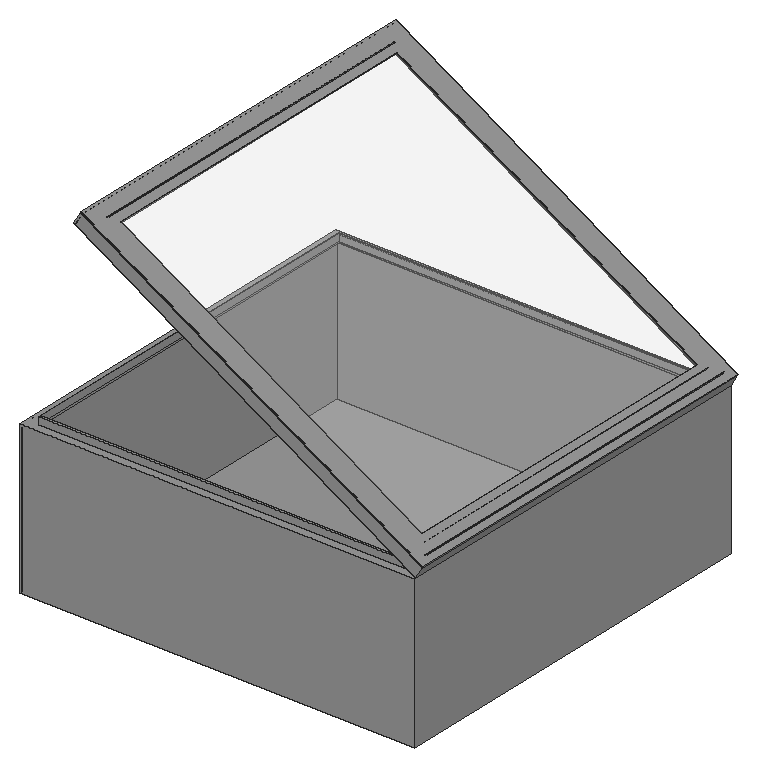
Revit family "Hager-Orion_Inox-IP66-D210-Cl.I-Inox_encl-630A-500mm-CH-de", category Electrical Equipment, host Face, Revit 2020
Family settings
  Host = Face
  Panel Configuration = Two Columns, Circuits Across
  Round Connector Dimension = Use Diameter
  Part Type = Panelboard
  Cut with Voids When Loaded = No
  Shared = No
  Room Calculation Point = No
Parameters (values of type "Aufputz IP66 B500 H500 T210  - FL023TWL")
  Width Control [instance] = if([EF000008 - Breite] > Min Width, [EF000008 - Breite], Min Width)  # 500 mm
  Type Comments = [HG000003 - Bereich]  # "Orion Inox"
  Thickness Door [instance] = if([EF009171 - Materialstärke Tür/Deckel] > 3 mm, 3 mm, [EF009171 - Materialstärke Tür/Deckel])  # 1.5 mm
  Seal Frame Offset [instance] = 17 mm  # constant formula
  Model = ""
  Min Width [instance] = 100 mm  # constant formula
  Min Height [instance] = 100 mm  # constant formula
  Min Depth [instance] = (2 * [EF009170 - Materialstärke Gehäuse]) + 1 mm  # 4 mm
  Internal Frame Depth [instance] = (Door System Depth * 0.5)  # 9 mm
  Height Control [instance] = if([EF000040 - Höhe] > Min Height, [EF000040 - Höhe], Min Height)  # 500 mm
  HG000027 - Sockelhöhe = 0 mm
  HG000026 - Stehend auf dem Boden = no
  HG000024 - Höhe des unteren Teils = 800 mm
  HG000023 - Gehäuse mit doppeltem Querschnitt = no
  HG000016 - 3D-Türsichtbarkeit [instance] = yes
  HG000015 - Sichtbarkeit der Türöffnung [instance] = no
  HG000014 - Tür rechts [instance] = yes
  HG000013 - Tür links [instance] = not([HG000014 - Tür rechts])  # no
  HG000012 - Türschwenkwinkel [instance] = 30.00°
  HG000010 - Asymmetrische Türen = no
  HG000009 - Doppelflügeligen Tür = no
  HG000006 - Unterputz = no
  HG000004 - Herstellerreferenz = "FL023TWL"
  HG000003 - Bereich = "Orion Inox"
  HG000002 - Mit tür = yes
  Frame Offset Bottom [instance] = 10 mm  # constant formula
  Frame Offset [instance] = 15 mm  # constant formula
  EF015940 - Deckel mit Überdruckentlastung = no
  EF011959 - Schutzart (NEMA) = ""
  EF009554 - Anzahl der Öffnungen für Flanschplatten = 0
  Manufacturer = "Hager"  # constant formula
  EF009212 - Ausführung Deckel = "EV000116 - geschlossen"
  EF009171 - Materialstärke Tür/Deckel = 1.5 mm
  EF009170 - Materialstärke Gehäuse = 1.5 mm
  EF008873 - Nennstrom (In) = 630 A
  EF007800 - Geeignet für Blitzschutz = no
  EF006306 - Mit Schloss = yes
  EF006244 - Transparenter Deckel/Tür = yes
  EF005474 - Schutzart (IP) = "EV006422 - IP66"
  EF004464 - Art der Tür = "EV002646 - Einzel"
  EF004427 - Anzahl der Module = 0
  EF004293 - Schlagfestigkeit = "EV006814 - IK08"
  EF003532 - Geeignet für Außengebrauch = yes
  EF002950 - Breite in Teilungseinheiten = 0
  EF001613 - Funktionserhalt = "EV000494 - ohne"
  EF001596 - Werkstoff des Gehäuses = "EV000166 - rostfreier Stahl"
  EF001131 - Innentiefe = 176 mm
  EF001088 - Anbaumöglichkeit = yes
  EF000437 - Anzahl der Leitungseinführungen = 0
  EF000339 - Art der Abdeckung = "EV004216 - Tür"
  EF000266 - Anzahl der Reihen = 0
  EF000218 - Einbautiefe = 0 mm
  EF000118 - Mit Montageplatte = no
  EF000116 - RAL-Nummer = ""
  EF000049 - Tiefe = 210 mm
  EF000040 - Höhe = 500 mm
  EF000008 - Breite = 500 mm
  EF000007 - Farbe = "EV000154 - sonstige"
  EF000003 - Montageart = "EV000384 - Aufputz"
  Door System Leaf Tolerance [instance] = 1.5 mm  # constant formula
  Door System Depth [instance] = 18 mm  # constant formula
  Depth Control [instance] = if([EF000049 - Tiefe] > Min Depth, [EF000049 - Tiefe], Min Depth)  # 210 mm
  Default Elevation = 0 mm
Types (8, lengths in mm): name | Width Control | HG000004 - Herstellerreferenz | EF009212 - Ausführung Deckel | EF006306 - Mit Schloss | EF006244 - Transparenter Deckel/Tür | EF004293 - Schlagfestigkeit | EF001613 - Funktionserhalt | EF000008 - Breite
  Aufputz IP66 B400 H500 T210  - FL021BW | 400 | "FL021BW" | "EV009916 - mit Ausschnitt" | no | no | "EV008784 - IK10" | "" | 400
  Aufputz IP66 B400 H500 T210  - FL021BWL | 400 | "FL021BWL" | "EV009916 - mit Ausschnitt" | no | no | "EV008784 - IK10" | "" | 400
  Aufputz IP66 B400 H500 T210  - FL021TW | 400 | "FL021TW" | "EV000116 - geschlossen" | yes | yes | "EV006814 - IK08" | "EV000494 - ohne" | 400
  Aufputz IP66 B400 H500 T210  - FL021TWL | 400 | "FL021TWL" | "EV000116 - geschlossen" | yes | yes | "EV006814 - IK08" | "EV000494 - ohne" | 400
  Aufputz IP66 B500 H500 T210  - FL023BW | 500 | "FL023BW" | "EV000116 - geschlossen" | yes | no | "EV008784 - IK10" | "EV000494 - ohne" | 500
  Aufputz IP66 B500 H500 T210  - FL023BWL | 500 | "FL023BWL" | "EV000116 - geschlossen" | yes | no | "EV008784 - IK10" | "EV000494 - ohne" | 500
  Aufputz IP66 B500 H500 T210  - FL023TW | 500 | "FL023TW" | "EV000116 - geschlossen" | yes | yes | "EV006814 - IK08" | "EV000494 - ohne" | 500
  Aufputz IP66 B500 H500 T210  - FL023TWL | 500 | "FL023TWL" | "EV000116 - geschlossen" | yes | yes | "EV006814 - IK08" | "EV000494 - ohne" | 500
Reference planes
  plane 1 "Center (Front/Back)": y = 0
  plane 2: z = 0
  plane 3 "Center (Left/Right)": x = 0
  plane 4: z = 210
  plane 5: y = 1.5
  plane 6: y = 250
  plane 7: y = 0
  plane 8: y = 500
  plane 9: z = 0
  plane 10: x = -235
  plane 11: x = 235
  plane 12: x = 233.5
  plane 13: x = -233.5
  plane 14: y = 498.5
  plane 15: x = -233
  plane 16: x = -250
  plane 17: x = 233
  plane 18: x = 250
  plane 19: x = 248.5
  plane 20: x = -248.5
  plane 21: y = 11.5
  plane 22: y = 500
  plane 23: y = 483.5
  plane 24: z = 192
  plane 25: z = 1.5
  plane 26: z = 190.5
  plane 27: z = 208.5
Forms (mm)
  Extrusion 1, solid, material "Hager_Stainless_Steel", detail levels medium+fine
    sketch origin (0, 0, 0) x (1, 0, 0) y (0, 1, 0)
      loop
        line (-250, 0) -> (250, 0) -> (250, 500) -> (-250, 500) -> (-250, 0)
    from 0 to 192
  Extrusion 2, solid, material "Hager_Steel_RAL 7035_Light_Grey", not visible, detail levels medium+fine
    sketch origin (0, 28.16, 50.802) x (0, 1, 0) y (0, 0, 1)
      loop
        line (273.34, -50.802) -> (273.34, 147.698)
        arc (273.34, 147.698) -> (270.411, 154.769) -> (263.34, 157.698) r 10
        line (263.34, 157.698) -> (233.34, 157.698) -> (233.34, -50.802) -> (273.34, -50.802)
    from -248.5 to 248.5
  Extrusion 3, void
    sketch origin (0, 0, 0) x (1, 0, 0) y (0, 1, 0)
      loop
        line (-248.5, 1.5) -> (248.5, 1.5) -> (248.5, 498.5) -> (-248.5, 498.5) -> (-248.5, 1.5)
    from 1.5 to 190.5
  Extrusion 4, void
    sketch origin (-381.607, -4572, 192) x (0, -1, 0) y (-1, 0, 0)
      loop
        line (-4583.5, -148.107) -> (-5055.5, -148.107) -> (-5055.5, -615.107) -> (-4583.5, -615.107) -> (-4583.5, -148.107)
    from 0 to 1.5 <- "EF009170 - Materialstärke Gehäuse"
  Extrusion 5, solid, material "Hager_Stainless_Steel", detail levels fine
    sketch origin (-381.607, -4572, 192) x (-1, 0, 0) y (0, -1, 0)
      loop
        line (-148.107, -4583.5) -> (-615.107, -4583.5) -> (-615.107, -5055.5) -> (-148.107, -5055.5) -> (-148.107, -4583.5)
      loop
        line (-147.107, -4582) -> (-616.107, -4582) -> (-616.107, -5057) -> (-147.107, -5057) -> (-147.107, -4582)
    from 0 to 9 <- "Internal Frame Depth"
  Extrusion 6, solid, material "Hager_Stainless_Steel", detail levels coarse
    sketch origin (0, 0, 0) x (1, 0, 0) y (0, 1, 0)
      loop
        line (-250, 0) -> (250, 0) -> (250, 500) -> (-250, 500) -> (-250, 0)
    from 0 to 210
Cuts and joins
  Extrusion 3, Extrusion 4 cuts Extrusion 1
Lines and regions (mm)
  Masking region 1
    outline origin (0, 0, 0) x (1, 0, 0) y (0, 0, 1)
      loop
        line (-250, 210) -> (-250, 0) -> (250, 0) -> (250, 210) -> (-250, 210)
  Masking region 2, detail levels medium+fine
    outline origin (0, 140, 0) x (0, 1, 0) y (0, 0, 1)
      loop
        line (-140, 0) -> (360, 0) -> (360, 192) -> (-140, 192) -> (-140, 0)
  Masking region 3, not visible, detail levels medium+fine
    outline origin (0, 297.922, 0) x (0, 1, 0) y (0, 0, 1)
      loop
        line (-36.422, 0) -> (3.578, 0) -> (3.578, 198.5)
        arc (3.578, 198.5) -> (0.649, 205.571) -> (-6.422, 208.5) r 10
        line (-6.422, 208.5) -> (-36.422, 208.5) -> (-36.422, 0)
  Masking region 4, detail levels coarse
    outline origin (0, 0, 180) x (0, 1, 0) y (0, 0, 1)
      loop
        line (0, -180) -> (500, -180) -> (500, 30) -> (0, 30) -> (0, -180)
  Masking region 5
    outline origin (-381.607, -4572, 192) x (-1, 0, 0) y (0, -1, 0)
      loop
        line (-131.607, -5072) -> (-131.607, -4572) -> (-631.607, -4572) -> (-631.607, -5072) -> (-131.607, -5072)
Dimensions and locks
  "Depth Control": plane 4 to host face
  "EF009170 - Materialstärke Gehäuse": plane 5 to plane 7
  locked: connector elem to plane 3 "Center (Left/Right)"
  equal spacing: plane 8, plane 6, plane 7
  locked: connector elem to plane 6
  "EF009170 - Materialstärke Gehäuse": plane 8 to plane 14
  "EF009170 - Materialstärke Gehäuse": plane 10 to plane 13
  "EF009170 - Materialstärke Gehäuse": plane 12 to plane 11
  "Frame Offset": plane 20 to plane 13
  "Frame Offset": plane 12 to plane 19
  "EF009170 - Materialstärke Gehäuse": plane 16 to plane 20
  "EF009170 - Materialstärke Gehäuse": plane 19 to plane 18
  "Seal Frame Offset": plane 16 to plane 15
  "Seal Frame Offset": plane 17 to plane 18
  "Frame Offset Bottom": plane 21 to plane 5
  "Frame Offset": plane 14 to plane 23
  equal spacing: plane 16, plane 3 "Center (Left/Right)", plane 18
  "Width Control": plane 16 to plane 18
  "EF009170 - Materialstärke Gehäuse": plane 4 to plane 27
  "EF009170 - Materialstärke Gehäuse": plane 24 to plane 26
  "EF009170 - Materialstärke Gehäuse": plane 25 to level
  "Door System Depth": plane 4 to plane 24
  "Height Control": plane 1 "Center (Front/Back)" to Extrusion 6 sketch curve
  "Height Control": Masking region 4 sketch curve to plane 1 "Center (Front/Back)"
  "Thickness Door": Extrusion 5 sketch curve to plane 15
  "Thickness Door": plane 21 to Extrusion 5 sketch curve
  "Thickness Door": plane 17 to Extrusion 5 sketch curve
  "Thickness Door": Extrusion 5 sketch curve to plane 23
  "Height Control": plane 1 "Center (Front/Back)" to plane 22
  radius of Masking region 3 sketch curve = 10 mm
  radius of Extrusion 2 sketch curve = 10 mm
  aligned and locked: plane 2 to host face
  aligned and locked: level to host face
  aligned and locked: level to Masking region 1 sketch curve
  aligned and locked: Masking region 1 sketch curve to plane 18
  aligned and locked: Masking region 1 sketch curve to plane 16
  aligned and locked: plane 7 to Masking region 2 sketch curve
  aligned and locked: level to Masking region 3 sketch curve
  aligned and locked: Masking region 3 sketch curve to plane 27
  aligned and locked: level to Masking region 2 sketch curve
  aligned and locked: Extrusion 1 sketch curve to plane 7
  aligned and locked: plane 16 to Extrusion 1 sketch curve
  aligned and locked: plane 18 to Extrusion 1 sketch curve
  aligned and locked: Extrusion 2 sketch curve to level
  aligned and locked: plane 27 to Extrusion 2 sketch curve
  aligned and locked: plane 20 to Extrusion 2
  aligned and locked: plane 19 to Extrusion 2
  aligned and locked: plane 20 to Extrusion 3 sketch curve
  aligned and locked: plane 19 to Extrusion 3 sketch curve
  aligned and locked: Extrusion 3 sketch curve to plane 5
  aligned and locked: Extrusion 3 to plane 25
  aligned and locked: plane 26 to Extrusion 3
  aligned and locked: plane 24 to Extrusion 1
  aligned and locked: Extrusion 4 sketch curve to plane 21
  aligned and locked: Extrusion 4 sketch curve to plane 13
  aligned and locked: Extrusion 4 sketch curve to plane 12
  aligned and locked: plane 18 to Extrusion 6 sketch curve
  aligned and locked: plane 1 "Center (Front/Back)" to Extrusion 6 sketch curve
  aligned and locked: plane 16 to Extrusion 6 sketch curve
  aligned and locked: plane 4 to Extrusion 6
  aligned and locked: Extrusion 6 to level
  aligned and locked: level to Masking region 4 sketch curve
  aligned and locked: Masking region 4 sketch curve to plane 1 "Center (Front/Back)"
  aligned and locked: Masking region 4 sketch curve to plane 4
  aligned and locked: nested 1 to level
  aligned and locked: nested 1 to plane 16
  aligned and locked: plane 8 to Extrusion 1 sketch curve
  aligned and locked: plane 23 to Extrusion 4 sketch curve
  aligned and locked: plane 14 to Extrusion 3 sketch curve
  aligned and locked: Extrusion 5 sketch curve to plane 21
  aligned and locked: plane 13 to Extrusion 5 sketch curve
  aligned and locked: plane 23 to Extrusion 5 sketch curve
  aligned and locked: plane 12 to Extrusion 5 sketch curve
  aligned and locked: Masking region 2 sketch curve to plane 8
  aligned and locked: Masking region 2 sketch curve to plane 24
  aligned and locked: nested 2 to plane 3 "Center (Left/Right)"
  aligned and locked: nested 2 to plane 24
  aligned and locked: Masking region 5 sketch curve to plane 1 "Center (Front/Back)"
  aligned and locked: Masking region 5 sketch curve to plane 18
  aligned and locked: Masking region 5 sketch curve to plane 22
  aligned and locked: Masking region 5 sketch curve to plane 16
  aligned and locked: plane 8 to plane 22
  aligned and locked: plane 7 to plane 1 "Center (Front/Back)"
  aligned and locked: nested 2 to plane 1 "Center (Front/Back)"
Automatic sketch dimensions
  host sketch curve to host sketch curve = 1469.727 mm
  host sketch curve to host sketch curve = 2116.445 mm
  plane 6 to Masking region 3 sketch curve = 11.5 mm
  Masking region 3 sketch curve to Masking region 3 sketch curve = 30 mm
  plane 6 to Extrusion 2 sketch curve = 11.5 mm
  Extrusion 2 sketch curve to Extrusion 2 sketch curve = 30 mm
  Masking region 1 sketch curve to plane 4 = 0 mm
Nested families
  nested 1: "Hager_Enclosure_Symbol" at (-250, 0, 0) x (1, 0, 0) z (0, -1, 0), Height <- "Depth Control", Width <- "Width Control", type "Hager_Enclosure_Symbol"
    with Width_Ctrl 500 mm, Width 500 mm, Height_Ctrl 210 mm, Height 210 mm, A_Width_Int 13.781 mm, A_Width 165.375 mm, A_Height_Ctrl 183.75 mm, A_Height 183.75 mm
  nested 2: "EC000058_OrionInox_Door" at (0, 500, 192) x (1, 0, 0) z (0, -1, 0), Leaf_Tolerance <- "Door System Leaf Tolerance", Angle <- "HG000012 - Türschwenkwinkel", Door_Depth <- "Door System Depth", Door_Left <- "HG000013 - Tür links", Transparent <- "EF006244 - Transparenter Deckel/Tür", Assymetrical <- "HG000010 - Asymmetrische Türen", Width <- "Width Control", Clearance <- "HG000015 - Sichtbarkeit der Türöffnung", Double <- "HG000009 - Doppelflügeligen Tür", 3d_Door <- "HG000016 - 3D-Türsichtbarkeit", Width_Ctrl <- "Width Control", Door_Right <- "HG000014 - Tür rechts", Door <- "HG000002 - Mit tür", Height <- "Height Control", Thickness <- "Thickness Door", type "EC000058_OrionInox_Door", detail levels medium+fine
    with min_wh 4 mm, Width_Ctrl 500 mm, Width 500 mm, Transparent yes, Thickness 1.5 mm, Seal_Material Hager_Rubber, Leaf_Width 500 mm, Leaf_Tolerance_External_Sides 0 mm, Leaf_Tolerance 1.5 mm, Leaf_Offset 0 mm, Leaf_Height 497 mm, Leaf_2_Width 500 mm, Leaf_2_Offset 250 mm, Leaf_1_Width 500 mm, Leaf_1_Offset 250 mm, Height_Ctrl 500 mm, Height 500 mm, Glass_Material Hager_Glass, Double_Clearance_Ctrl no, Double no, Door_Right_Ctrl yes, Door_Right yes, Door_Material Hager_Stainless_Steel, Door_Left_Ctrl no, Door_Left no, Door_Depth 18 mm, Door yes, Clearance_Material Hager_Clearance, Clearance_Depth 500 mm, Clearance_Ctrl no, Clearance no, Assymetrical no, Angle 30.00°, 3d_Door yes
Connectors
  electrical at (0, 250, 0)
    settings: on plane 9, index 1, voltage 0 V, apparent load 0 VA, apparent load phase1 0 VA, apparent load phase2 0 VA, apparent load phase3 0 VA, power factor 1, load classification "Other", number of poles 1, system type 30, power factor state 1, is connector primary yes, connector utility no, sub classification motor no, connector description ""
Definition of nested family "EC000058_OrionInox_Door"
  Parameters (values of type "EC000058_OrionInox_Door")
    min_wh [instance] = (2 * Thickness) + 1 mm  # 11 mm
    Width_Ctrl [instance] = 400 mm
    Width [instance] = 500 mm
    Transparent [instance] = yes
    Thickness [instance] = 5 mm
    Seal_Material [instance] = none
    Leaf_Width [instance] = if((Width_Ctrl - 2 * Leaf_Tolerance_External_Sides) > 0 mm, (Width_Ctrl - 2 * Leaf_Tolerance_External_Sides), min_wh)  # 400 mm
    Leaf_Tolerance_External_Sides [instance] = 0 mm  # constant formula
    Leaf_Tolerance [instance] = 1.5 mm
    Leaf_Offset [instance] = 0 mm  # constant formula
    Leaf_Height [instance] = if((Height_Ctrl - 2 * Leaf_Tolerance) > 0 mm, (Height_Ctrl - 2 * Leaf_Tolerance), min_wh)  # 497 mm
    Leaf_2_Width [instance] = if(and(and(Double, Assymetrical), Door_Left), (Leaf_Width / 3) - (Leaf_Tolerance / 2), if(and(and(Double, Assymetrical), Door_Right), (Leaf_Width / 3) * 2 - (Leaf_Tolerance / 2), if(and(Double, not(Assymetrical)), (Leaf_Width / 2) - Leaf_Tolerance, Leaf_Width)))  # 400 mm
    Leaf_2_Offset [instance] = if(and(Double, Assymetrical), Leaf_2_Width / 2, if(and(Double, not(Assymetrical)), Leaf_Width / 4, Leaf_Width / 2))  # 200 mm
    Leaf_1_Width [instance] = if(and(and(Double, Assymetrical), Door_Right), (Leaf_Width / 3) - (Leaf_Tolerance / 2), if(and(and(Double, Assymetrical), Door_Left), (Width / 3) * 2 - (Leaf_Tolerance / 2), if(and(Double, not(Assymetrical)), (Leaf_Width / 2) - Leaf_Tolerance, Leaf_Width)))  # 400 mm
    Leaf_1_Offset [instance] = if(and(Double, Assymetrical), Leaf_1_Width / 2, if(and(Double, not(Assymetrical)), Leaf_Width / 4, Leaf_Width / 2))  # 200 mm
    Height_Ctrl [instance] = if(Height > min_wh, Height, min_wh)  # 500 mm
    Height [instance] = 500 mm
    Glass_Material [instance] = none
    Double_Clearance_Ctrl [instance] = and(Double, Clearance)  # no
    Double [instance] = no
    Door_Right_Ctrl [instance] = and(or(Door_Right, Double), Door)  # yes
    Door_Right [instance] = yes
    Door_Material [instance] = none
    Door_Left_Ctrl [instance] = and(or(Door_Left, Double), Door)  # no
    Door_Left [instance] = no
    Door_Depth [instance] = 30 mm
    Door [instance] = yes
    Default Elevation = 1219.2 mm
    Clearance_Material [instance] = none
    Clearance_Depth [instance] = if(Leaf_1_Width > Leaf_2_Width, Leaf_1_Width, Leaf_2_Width)  # 400 mm
    Clearance_Ctrl [instance] = and(not(Double), Clearance)  # yes
    Clearance [instance] = yes
    Assymetrical [instance] = yes
    Angle [instance] = 30.00°
    3d_Door [instance] = yes
  Reference planes
    plane 1 "Center (Front/Back)": y = 0
    plane 2 "Bottom": z = 0
    plane 3 "Center (Left/Right)": x = 0
    plane 4: z = 500
    plane 5: x = -200
    plane 6: x = 200
    plane 7: z = 500
    plane 8: x = -200
    plane 9: z = 0
    plane 10: x = 200
    plane 11: y = 0
    plane 12: z = 1.5
    plane 13: x = -600
    plane 14: y = -400
    plane 15: x = 600
    plane 16: x = 0
    plane 17: x = 0
    plane 18: x = -200
    plane 19: x = 200
    plane 20: z = 498.5
  Forms (mm)
    Extrusion 1, solid, material <- "Clearance_Material", visible <- "Double_Clearance_Ctrl"
      sketch origin (1200, 0, 0) x (1, 0, 0) y (0, 0, -1)
        loop
          line (-1800, -498.5) -> (-600, -498.5) -> (-600, 0) -> (-1800, 0) -> (-1800, -498.5)
      from 0 to -400
  Dimensions and locks
    equal spacing: plane 5, plane 3 "Center (Left/Right)", plane 6
    "Width_Ctrl": plane 5 to plane 6
    "Leaf_Offset": plane 5 to plane 8
    "Leaf_Offset": plane 6 to plane 10
    "Leaf_Offset": plane 9 to level
    "Leaf_Offset": plane 4 to plane 7
    "Height_Ctrl": plane 4 to level
    "Leaf_Tolerance": plane 12 to plane 9
    locked: plane 11 to plane 1 "Center (Front/Back)"
    "Leaf_1_Offset": plane 18 to plane 16
    "Leaf_2_Offset": plane 17 to plane 19
    "Leaf_1_Width": plane 13 to plane 8
    "Leaf_2_Width": plane 10 to plane 15
    "Clearance_Depth": plane 14 to plane 1 "Center (Front/Back)"
    "Leaf_Tolerance_External_Sides": plane 8 to plane 18
    "Leaf_Tolerance_External_Sides": plane 19 to plane 10
    "Leaf_Tolerance": plane 7 to plane 20
    aligned and locked: level to plane 2 "Bottom"
    aligned and locked: nested 1 to plane 16
    aligned and locked: nested 2 to plane 17
    aligned and locked: Extrusion 1 to plane 13
    aligned and locked: plane 15 to Extrusion 1
    aligned and locked: Extrusion 1 to plane 14
    aligned and locked: plane 12 to nested 1
    aligned and locked: nested 2 to plane 12
    aligned and locked: Extrusion 1 to plane 11
    aligned and locked: plane 20 to Extrusion 1
    aligned and locked: nested 2 to plane 11
    aligned and locked: nested 1 to plane 11
  Automatic sketch dimensions
    Extrusion 1 sketch curve to level = 0 mm
    plane 5 to Extrusion 1 sketch curve = 400 mm
    plane 6 to Extrusion 1 sketch curve = 400 mm
    Extrusion 1 sketch curve to plane 4 = 1.5 mm
  Nested families
    nested 1: "EC000058_OrionInox_Door_Leaf" at (0, 0, 1.5), Width <- "Leaf_1_Width", visible <- "Door_Left_Ctrl", Leaf_Height <- "Leaf_Height", Angle <- "Angle", 3d_Door <- "3d_Door", Transparent <- "Transparent", Clearance Material <- "Clearance_Material", Clearance <- "Clearance_Ctrl", Door_Material <- "Door_Material", Glass_Material <- "Glass_Material", Door_Depth <- "Door_Depth", Seal_Material <- "Seal_Material", Thickness <- "Thickness", type "EC000058_OrionInox_Door_Leaf"
      with Width 400 mm, Transparent_Ctrl yes, Transparent yes, Thickness 5 mm, Standard no, Seal_Material none, Seal_D2 8 mm, Seal_D1 1 mm, Offset_Internal_Frame 10 mm, Lock_Width 28 mm, Lock_Thickness 2 mm, Lock_Radius 6 mm, Leaf_Height 497 mm, Internal_Seal_Thickness 8 mm, Internal_Seal_Depth_2 4.5 mm, Internal_Frame_Depth 25 mm, Glass_Thickness -1 mm, Glass_Offset -2 mm, Glass_Material none, Door_Material none, Door_Depth 30 mm, Clearance Material none, Clearance yes, Angle_Ctrl 30.00°, Angle 30.00°, 3d_Door yes
    nested 2: "EC000058_OrionInox_Door_Leaf" at (0, 0, 1.5) x (-1, 0, 0) z (0, 0, 1), Width <- "Leaf_2_Width", visible <- "Door_Right_Ctrl", Leaf_Height <- "Leaf_Height", Angle <- "Angle", 3d_Door <- "3d_Door", Transparent <- "Transparent", Clearance Material <- "Clearance_Material", Clearance <- "Clearance_Ctrl", Door_Material <- "Door_Material", Glass_Material <- "Glass_Material", Door_Depth <- "Door_Depth", Seal_Material <- "Seal_Material", Thickness <- "Thickness", type "EC000058_OrionInox_Door_Leaf"
      with Width 400 mm, Transparent_Ctrl yes, Transparent yes, Thickness 5 mm, Standard no, Seal_Material none, Seal_D2 8 mm, Seal_D1 1 mm, Offset_Internal_Frame 10 mm, Lock_Width 28 mm, Lock_Thickness 2 mm, Lock_Radius 6 mm, Leaf_Height 497 mm, Internal_Seal_Thickness 8 mm, Internal_Seal_Depth_2 4.5 mm, Internal_Frame_Depth 25 mm, Glass_Thickness -1 mm, Glass_Offset -2 mm, Glass_Material none, Door_Material none, Door_Depth 30 mm, Clearance Material none, Clearance yes, Angle_Ctrl 30.00°, Angle 30.00°, 3d_Door yes
  Definition of nested family "EC000058_OrionInox_Door_Leaf"
    Parameters (values of type "EC000058_OrionInox_Door_Leaf")
      Width [instance] = 450 mm
      Transparent_Ctrl [instance] = and(Transparent, [3d_Door])  # yes
      Transparent [instance] = yes
      Thickness [instance] = 5 mm
      Standard [instance] = and(not(Transparent), [3d_Door])  # no
      Seal_Material [instance] = none
      Seal_D2 [instance] = 8 mm  # constant formula
      Seal_D1 [instance] = 1 mm  # constant formula
      Offset_Internal_Frame [instance] = 10 mm  # constant formula
      Lock_Width [instance] = Door_Depth - Lock_Thickness  # 28 mm
      Lock_Thickness [instance] = 2 mm  # constant formula
      Lock_Radius [instance] = 6 mm  # constant formula
      Leaf_Height [instance] = 450 mm
      Internal_Seal_Thickness [instance] = 8 mm  # constant formula
      Internal_Seal_Depth_2 [instance] = 4.5 mm  # constant formula
      Internal_Frame_Depth [instance] = if(Door_Depth - Thickness > 5 mm, Door_Depth - Thickness, 5 mm)  # 25 mm
      Glass_Thickness [instance] = if(Thickness > 15 mm, Glass_Offset + 10 mm, -1 mm)  # -1 mm
      Glass_Offset [instance] = if(Thickness > 15 mm, -(Thickness + 10 mm) / 2, -2 mm)  # -2 mm
      Glass_Material [instance] = none
      Door_Material [instance] = none
      Door_Depth [instance] = 30 mm
      Default Elevation = 0 mm
      Clearance Material [instance] = none
      Clearance [instance] = yes
      Angle_Ctrl [instance] = if(Angle > 180.00°, 180.00°, Angle)  # 90.00°
      Angle [instance] = 90.00°
      3d_Door [instance] = yes
    Reference planes
      plane 1 "Center (Front/Back)": y = 0
      plane 2: z = 0
      plane 3 "Center (Left/Right)": x = 0
      plane 4: y = 450
      plane 5: x = -225
      plane 6: x = 225
      plane 7: x = -675
      plane 8: z = 450
      plane 9: z = 30
      plane 10: z = 420
      plane 11: x = 195
      plane 12: x = -195
      plane 13: y = -3
      plane 14: z = 107.833
      plane 15: y = -5
      plane 16: y = -223.314
      plane 17: x = -225
      plane 18: y = 30
    Forms (mm)
      Extrusion 1, solid, material <- "Clearance Material", visible <- "Clearance"
        sketch origin (0, 0, 0) x (1, 0, 0) y (0, 0, 1)
          loop
            line (-675, 450) -> (-675, 0) -> (225, 0) -> (225, 450) -> (-675, 450)
        from 0 to -450
      Extrusion 2, solid, material <- "Door_Material", visible <- "Standard", detail levels medium+fine
        sketch origin (-225, 0, 0) x (0, 1, 0) y (-1, 0, 0)
          loop
            line (0, 30) -> (0, 25) -> (450, 25) -> (450, 30) -> (0, 30)
        from 0 to 450 <- "Leaf_Height"
      Extrusion 3, solid, material <- "Door_Material", visible <- "Transparent_Ctrl", detail levels medium+fine
        sketch origin (-225, 0, 0) x (0, 1, 0) y (-1, 0, 0)
          loop
            line (0, 25) -> (450, 25) -> (450, 30) -> (0, 30) -> (0, 25)
        from 0 to 450 <- "Leaf_Height"
      Extrusion 4, void
        sketch origin (-250, 450, 0) x (0, 1, 0) y (0, 0, -1)
          loop
            line (-30, -420) -> (-30, -30) -> (-420, -30) -> (-420, -420) -> (-30, -420)
        from 0 to 5 <- "Thickness"
      Sweep 5, solid, material <- "Seal_Material", visible <- "Transparent_Ctrl", detail levels fine
        path in 3D
          loop
            line (-250, 30, 30) -> (-250, 30, 420) -> (-250, 420, 420) -> (-250, 420, 30) -> (-250, 30, 30)
        profile origin (-250, 225, 30) x (1, 0, 0) y (0, 0, 1)
          loop
            line (0, 0) -> (0, -8) -> (1, -8) -> (1, 0) -> (0, 0)
      Extrusion 6, solid, material <- "Glass_Material", visible <- "Transparent_Ctrl", detail levels medium+fine
        sketch origin (-255, 0, 0) x (0, 1, 0) y (0, 0, -1)
          loop
            line (420, -420) -> (420, -30) -> (30, -30) -> (30, -420) -> (420, -420)
        from -2 <- "Glass_Offset" to -1 <- "Glass_Thickness"
      Extrusion 7, solid, material <- "Door_Material", visible <- "3d_Door", detail levels medium+fine
        sketch origin (-250, 450, 0) x (0, -1, 0) y (0, 0, -1)
          loop
            line (0, -450) -> (450, -450) -> (450, 0) -> (0, 0) -> (0, -450)
          loop
            line (445, -5) -> (5, -5) -> (5, -445) -> (445, -445) -> (445, -5)
        from 0 to 25 <- "Internal_Frame_Depth"
      Sweep 8, solid, material <- "Seal_Material", visible <- "Transparent_Ctrl", detail levels fine
        path in 3D
          loop
            line (-250, 0, 0) -> (-250, 450, 0) -> (-250, 450, 450) -> (-250, 0, 450) -> (-250, 0, 0)
        profile origin (-250, 0, 225) x (1, 0, 0) y (0, 1, 0)
          loop
            line (0, 10) -> (2.975, 10)
            arc (2.975, 10) -> (4.053, 10.447) -> (4.5, 11.525) r 1.525
            line (4.5, 11.525) -> (4.5, 16.527)
            arc (4.5, 16.527) -> (4.069, 17.569) -> (3.027, 18) r 1.473
            line (3.027, 18) -> (0, 18) -> (0, 10)
    Cuts and joins
      Extrusion 4 cuts Extrusion 3
    Lines and regions (mm)
      Masking region 1, detail levels medium+fine
        outline origin (0, 0, 0) x (0, 1, 0) y (0, 0, 1)
          loop
            line (0, 0) -> (30, 0) -> (30, 450) -> (0, 450) -> (0, 0)
      Masking region 2, detail levels medium+fine
        outline origin (0, 0, 0) x (1, 0, 0) y (0, 0, 1)
          loop
            line (-225, 450) -> (-225, 0) -> (225, 0) -> (225, 450) -> (-225, 450)
      symbolic lines
        curve 1: line (225, 0, 0) -> (-675, 0, 0)
        curve 2: arc (225, 0, 0) -> (-225, 450, 0) -> (-675, 0, 0) r 450
        curve 4: line (-255, 0, 0) -> (-255, 450, 0)
      reference lines
        curve 3: line (-225, 0, 0) -> (-225, 450, 0)
      symbolic lines, detail levels medium+fine
        curve 5: line (-255, 450, 0) -> (-250, 450, 0)
        curve 7: line (-250, 0, 0) -> (-255, 0, 0)
        curve 8: line (-250, 0, 0) -> (-225, 0, 0)
        curve 9: line (-225, 0, 0) -> (-225, 450, 0)
        curve 10: line (-225, 450, 0) -> (-250, 450, 0)
      symbolic lines, detail levels fine
        curve 6: line (-250, 450, 0) -> (-250, 0, 0)
      sketch lines
        curve 11: line (-250, 0, 450) -> (-250, 0, 0)
        curve 12: line (-250, 450, 0) -> (-250, 0, 0)
        curve 13: line (-250, 450, 450) -> (-250, 450, 0)
        curve 14: line (-250, 0, 450) -> (-250, 450, 450)
        curve 15: line (-250, 420, 30) -> (-250, 30, 30)
        curve 16: line (-250, 30, 30) -> (-250, 30, 420)
        curve 17: line (-250, 420, 420) -> (-250, 420, 30)
        curve 18: line (-250, 30, 420) -> (-250, 420, 420)
      symbolic lines, visible <- "Transparent", detail levels medium+fine
        curve 19: line (-195, 0, 420) -> (195, 0, 420)
        curve 20: line (-195, 0, 30) -> (-195, 0, 420)
        curve 21: line (195, 0, 30) -> (-195, 0, 30)
        curve 22: line (195, 0, 420) -> (195, 0, 30)
    Dimensions and locks
      "Width": plane 1 "Center (Front/Back)" to plane 4
      equal spacing: plane 5, plane 3 "Center (Left/Right)", plane 6
      "Width": plane 5 to plane 6
      "Width": plane 7 to plane 5
      "Leaf_Height": plane 8 to level
      "Width": curve 5 to curve 3
      "Width": curve 3 to curve 3
      plane 8 to plane 10 = 30 mm
      plane 9 to level = 30 mm
      plane 12 to plane 5 = 30 mm
      plane 6 to plane 11 = 30 mm
      Extrusion 4 sketch curve to Extrusion 3 = 30 mm
      Extrusion 3 to Extrusion 4 sketch curve = 30 mm
      Extrusion 1 to Extrusion 4 sketch curve = 30 mm
      curve 3 to Extrusion 4 sketch curve = 30 mm
      Extrusion 4 sketch curve to cut or joined group of Extrusion 3, Extrusion 4 = 30 mm
      cut or joined group of Extrusion 3, Extrusion 4 to Extrusion 6 sketch curve = 30 mm
      cut or joined group of Extrusion 3, Extrusion 4 to Extrusion 4 sketch curve = 30 mm
      "Thickness": curve 6 to curve 4
      "Thickness": Extrusion 7 sketch curve to Extrusion 7 sketch curve  (x4)
      "Door_Depth": curve 4 to curve 3
      "Offset_Internal_Frame": profile plane to Sweep 8 sketch curve
      "Internal_Seal_Thickness": Sweep 8 sketch curve to Sweep 8 sketch curve
      "Internal_Seal_Depth_2": profile plane to Sweep 8 sketch curve
      "Seal_D1": profile plane to Sweep 5 sketch curve
      "Seal_D2": profile plane to Sweep 5 sketch curve
      "Thickness": Extrusion 2 sketch curve to Extrusion 2 sketch curve
      "Door_Depth": plane 18 to plane 1 "Center (Front/Back)"
      radius of Sweep 8 sketch curve = 1.525 mm
      radius of Sweep 8 sketch curve = 1.473 mm
      "Angle_Ctrl": angle plane 1 "Center (Front/Back)" to curve 3
      aligned and locked: level to plane 2
      aligned and locked: Extrusion 1 to curve 1
      aligned and locked: plane 6 to Extrusion 1
      aligned and locked: plane 1 "Center (Front/Back)" to Extrusion 1
      aligned and locked: plane 4 to Extrusion 1
      aligned and locked: plane 8 to Extrusion 1
      aligned and locked: curve 7 to Extrusion 2 sketch curve
      aligned and locked: curve 5 to Extrusion 2 sketch curve
      aligned and locked: curve 7 to Extrusion 3 sketch curve
      aligned and locked: Extrusion 3 sketch curve to curve 4
      aligned and locked: Extrusion 3 sketch curve to curve 6
      aligned and locked: Extrusion 3 sketch curve to curve 5
      aligned and locked: curve 9 to curve 3
      aligned and locked: Extrusion 7 sketch curve to cut or joined group of Extrusion 3, Extrusion 4  (x4)
      aligned and locked: plane 17 to curve 3
      aligned and locked: plane 1 "Center (Front/Back)" to curve 3
      aligned and locked: plane 17 to plane 5
      aligned and locked: Sweep 8 sketch curve to profile plane
      aligned and locked: Sweep 5 sketch curve to profile plane  (x2)
      aligned and locked: plane 1 "Center (Front/Back)" to Masking region 1 sketch curve
      aligned and locked: plane 18 to Masking region 1 sketch curve
      aligned and locked: level to Masking region 1 sketch curve
      aligned and locked: Masking region 1 sketch curve to plane 8
      aligned and locked: plane 17 to Masking region 2 sketch curve
      aligned and locked: level to Masking region 2 sketch curve
      aligned and locked: Masking region 2 sketch curve to plane 8
      aligned and locked: plane 12 to curve 20
      aligned and locked: plane 10 to curve 19
      aligned and locked: plane 11 to curve 22
      aligned and locked: plane 9 to curve 21
      aligned and locked: Extrusion 2 sketch curve to cut or joined group of Extrusion 3, Extrusion 4
    Automatic sketch dimensions
      plane 1 "Center (Front/Back)" to curve 2 = 0 mm
      curve 2 to plane 5 = 0 mm
      Extrusion 1 sketch curve to level = 0 mm
      Extrusion 1 sketch curve to plane 7 = 0 mm
      Extrusion 1 sketch curve to plane 6 = 0 mm
      Extrusion 1 sketch curve to plane 8 = 0 mm
      Extrusion 3 to Extrusion 6 sketch curve = 30 mm  (x4)
      Masking region 2 sketch curve to plane 6 = 0 mm
      curve 4 to curve 3 = 0 mm
Definition of nested family "Hager_Enclosure_Symbol"
  Parameters (values of type "Hager_Enclosure_Symbol")
    Width_Ctrl [instance] = if(Width > 1 mm, Width, 1 mm)  # 102.27 mm
    Width [instance] = 102.27 mm
    Height_Ctrl [instance] = if(Height > 1 mm, Height, 1 mm)  # 66.5 mm
    A_Width_Int [instance] = if(A_Width / 12 > 2 mm, A_Width / 12, 2 mm)  # 4.364 mm
    A_Width [instance] = if(A_Height_Ctrl * 0.9 > 2 mm, A_Height_Ctrl * 0.9, 2 mm)  # 52.369 mm
    A_Height_Ctrl [instance] = if(A_Height > 2 mm, A_Height, 2 mm)  # 58.188 mm
    Height [instance] = 66.5 mm
    A_Height [instance] = Height - (Height / 8)  # 58.188 mm
  Reference planes
    plane 1 "Centre (avant/arrière)": y = 0
    plane 2: z = 0
    plane 3 "Centre (gauche/droite)": x = 0
    plane 4: x = 52.369
    plane 5: y = 33.042
    plane 6: y = 41.77
    plane 7: y = 66.5
    plane 8: x = 26.184
    plane 9: y = 37.406
    plane 10: x = 102.27
    plane 11: y = 66.5
    plane 12: y = 8.313
  Lines and regions (mm)
    Filled region 1, type "Solid_Black", in view "Niveau de réf."
      outline origin (0, 0, 0) x (1, 0, 0) y (0, 1, 0)
        loop
          line (52.369, 66.5) -> (33.188, 54.536) -> (45.365, 45.006) -> (52.369, 66.5)
    Filled region 2, type "Solid_Black", in view "Niveau de réf."
      outline origin (0, 0, 0) x (1, 0, 0) y (0, 1, 0)
        loop
          line (0, 0) -> (102.27, 0) -> (102.27, 66.5) -> (0, 0)
    detail lines, in view "Niveau de réf."
      curve 1: line (0, 8.313, 0) -> (26.184, 41.77, 0)
      curve 2: line (26.184, 41.77, 0) -> (26.184, 33.042, 0)
      curve 3: line (26.184, 33.042, 0) -> (52.369, 66.5, 0)
  Dimensions and locks
    "A_Width": plane 3 "Centre (gauche/droite)" to plane 4
    equal spacing: plane 3 "Centre (gauche/droite)", plane 8, plane 4
    equal spacing: plane 6, plane 9, plane 5
    equal spacing: curve 3, Filled region 1 sketch curve, Filled region 1 sketch curve
    "Height_Ctrl": plane 1 "Centre (avant/arrière)" to plane 11
    "A_Height_Ctrl": plane 11 to plane 12
    equal spacing: plane 11, plane 9, plane 12
    "A_Width_Int": plane 6 to plane 9
    "Width_Ctrl": plane 3 "Centre (gauche/droite)" to plane 10
    angle Filled region 1 sketch curve to curve 3 = 20.00°
    angle curve 3 to Filled region 1 sketch curve = 20.00°
    locked: curve 3 to Filled region 1 sketch curve (angle 90.00°)
    aligned and locked: plane 10 to Filled region 2
    aligned and locked: plane 11 to Filled region 2 sketch curve
    aligned and locked: plane 10 to Filled region 2 sketch curve
    aligned and locked: plane 3 "Centre (gauche/droite)" to curve 1
    aligned and locked: plane 12 to curve 1
    aligned and locked: plane 7 to plane 11
  Automatic sketch dimensions
    Filled region 1 sketch curve to plane 4 = 0 mm
    Filled region 1 sketch curve to plane 7 = 0 mm
    plane 1 "Centre (avant/arrière)" to Filled region 2 sketch curve = 0 mm
    Filled region 2 sketch curve to plane 3 "Centre (gauche/droite)" = 0 mm
    curve 2 to plane 6 = 0 mm
    curve 2 to plane 8 = 0 mm
    curve 3 to plane 4 = 0 mm
    curve 2 to plane 5 = 0 mm
    curve 3 to plane 7 = 0 mm
